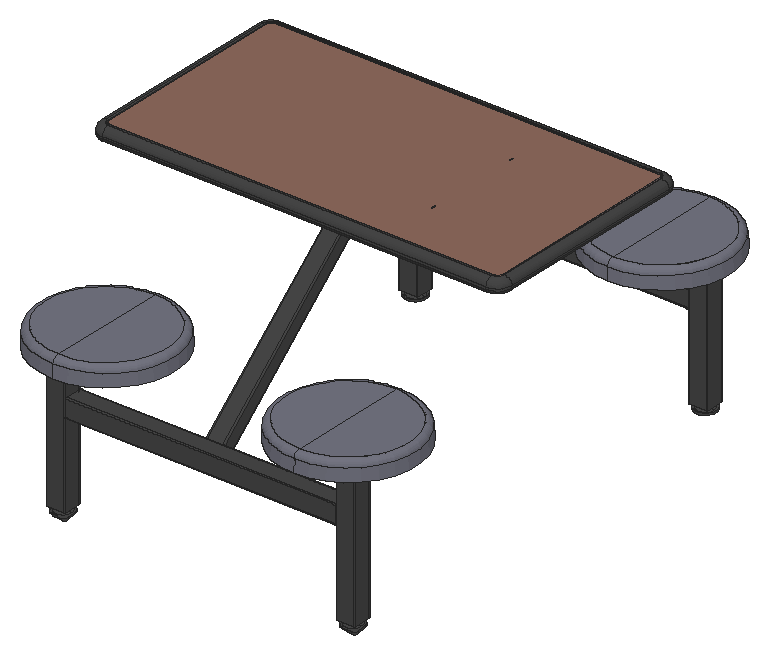
Revit family "Plymold-Essentials-Jupiter-4_Seat_Rectangular-Button", category Furniture, Revit 2021 (continued)
Definition of nested family "Base-4_Saet"
  Lines and regions (in)
    symbolic lines, detail levels medium+fine
      curve 107: arc (13.00949, 23.65226, 15.875) -> (12.94364, 23.44327, 15.875) -> (12.81536, 23.26561, 15.875) r 0.6875
      curve 108: line (12.81536, 23.26561, 15.875) -> (12.67092, 23.12116, 15.875)
      curve 109: arc (12.67092, 23.12116, 15.875) -> (12.37397, 22.94648, 15.875) -> (12.02956, 22.93809, 15.875) r 0.68639
      curve 110: arc (12.02956, 22.93809, 15.875) -> (11.84256, 22.93352, 15.875) -> (11.68133, 22.83868, 15.875) r 0.37268
      curve 111: line (11.68133, 22.83868, 15.875) -> (11.33718, 22.49453, 15.875)
      curve 112: arc (11.33718, 22.49453, 15.875) -> (11.25593, 22.37293, 15.875) -> (11.2274, 22.22951, 15.875) r 0.37479
      curve 113: line (11.2274, 22.22951, 15.875) -> (11.2274, 19.66582, 15.875)
      curve 114: arc (11.2274, 19.66582, 15.875) -> (11.33714, 19.40089, 15.875) -> (11.60206, 19.29116, 15.875) r 0.37466
  Dimensions and locks (in)
    Extrusion 2 sketch curve to Extrusion 2 sketch curve to plane 1 "Center (Front/Back)" to Extrusion 2 sketch curve to Extrusion 2 sketch curve = 1.79877" locked, 22.66498" locked, 22.66498" locked, 1.79877" locked
    Extrusion 2 sketch curve to Extrusion 2 sketch curve to Extrusion 2 sketch curve to Extrusion 2 sketch curve = 1 51/64" locked, 45.32996" locked, 1 51/64" locked
    Extrusion 2 sketch curve to Extrusion 2 sketch curve to plane 2 = 1.79877" locked, 9 93/128" locked  (x2)
    Extrusion 2 sketch curve to Extrusion 2 sketch curve to plane 2 = 1 51/64" locked, 9 93/128" locked  (x2)
    Extrusion 7 sketch curve to Extrusion 7 sketch curve to Extrusion 7 sketch curve to Extrusion 7 sketch curve to Extrusion 7 sketch curve to Extrusion 7 sketch curve to Extrusion 7 sketch curve to Extrusion 7 sketch curve to Extrusion 7 sketch curve to Extrusion 7 sketch curve to Extrusion 7 sketch curve to Extrusion 7 sketch curve to Extrusion 7 sketch curve to Extrusion 7 sketch curve to plane 3 "Center (Left/Right)" = 0.00064" locked, 0.36204" locked, 0.32598" locked, 0.14469" locked, 1.04023" locked, 0.33365" locked, 0.36089" locked, 23/64" locked, 1.11991" locked, 0.14366" locked, 0.24071" locked, 0.34266" locked, 0.00013" locked, 11.60206" locked
    Extrusion 7 sketch curve to Extrusion 7 sketch curve to Extrusion 7 sketch curve to Extrusion 7 sketch curve to Extrusion 7 sketch curve to Extrusion 7 sketch curve to Extrusion 7 sketch curve to Extrusion 7 sketch curve to Extrusion 7 sketch curve to Extrusion 7 sketch curve to Extrusion 7 sketch curve to Extrusion 7 sketch curve to Extrusion 7 sketch curve to Extrusion 7 sketch curve to plane 1 "Center (Front/Back)" = 0.00954" locked, 0.36189" locked, 0.32676" locked, 0.14523" locked, 1.03135" locked, 0.34565" locked, 0.35301" locked, 0.36204" locked, 1.12147" locked, 0.14381" locked, 0.23816" locked, 0.34519" locked, 0.0087" locked, 19.65712" locked
    Extrusion 6 sketch curve to Extrusion 6 sketch curve to Extrusion 6 sketch curve to Extrusion 6 sketch curve to Extrusion 6 sketch curve to Extrusion 6 sketch curve to Extrusion 6 sketch curve to Extrusion 6 sketch curve to Extrusion 6 sketch curve to Extrusion 6 sketch curve to Extrusion 6 sketch curve to Extrusion 6 sketch curve to Extrusion 6 sketch curve to Extrusion 6 sketch curve to plane 3 "Center (Left/Right)" = 0.00064" locked, 0.36204" locked, 0.32598" locked, 0.14469" locked, 1.04023" locked, 0.33365" locked, 0.36089" locked, 23/64" locked, 1.11991" locked, 0.14366" locked, 0.24071" locked, 0.34266" locked, 0.00013" locked, 11.60206" locked
    Extrusion 6 sketch curve to Extrusion 6 sketch curve to Extrusion 6 sketch curve to Extrusion 6 sketch curve to Extrusion 6 sketch curve to Extrusion 6 sketch curve to Extrusion 6 sketch curve to Extrusion 6 sketch curve to Extrusion 6 sketch curve to Extrusion 6 sketch curve to Extrusion 6 sketch curve to Extrusion 6 sketch curve to Extrusion 6 sketch curve to Extrusion 6 sketch curve to plane 1 "Center (Front/Back)" = 0.00954" locked, 0.36189" locked, 0.32676" locked, 0.14523" locked, 1.03135" locked, 0.34565" locked, 0.35301" locked, 0.36204" locked, 1.12147" locked, 0.14381" locked, 0.23816" locked, 0.34519" locked, 0.0087" locked, 19.65712" locked
    Extrusion 8 sketch curve to Extrusion 8 sketch curve to Extrusion 8 sketch curve to Extrusion 8 sketch curve to Extrusion 8 sketch curve to Extrusion 8 sketch curve to Extrusion 8 sketch curve to Extrusion 8 sketch curve to Extrusion 8 sketch curve to Extrusion 8 sketch curve to Extrusion 8 sketch curve to Extrusion 8 sketch curve to Extrusion 8 sketch curve to Extrusion 8 sketch curve to plane 1 "Center (Front/Back)" = 0.00954" locked, 0.36189" locked, 0.32676" locked, 0.14523" locked, 1.03135" locked, 0.34565" locked, 0.35301" locked, 0.36204" locked, 1.12147" locked, 0.14381" locked, 0.23816" locked, 0.34519" locked, 0.0087" locked, 19.65712" locked
    plane 3 "Center (Left/Right)" to Extrusion 8 sketch curve to Extrusion 8 sketch curve to Extrusion 8 sketch curve to Extrusion 8 sketch curve to Extrusion 8 sketch curve to Extrusion 8 sketch curve to Extrusion 8 sketch curve to Extrusion 8 sketch curve to Extrusion 8 sketch curve to Extrusion 8 sketch curve to Extrusion 8 sketch curve to Extrusion 8 sketch curve to Extrusion 8 sketch curve to Extrusion 8 sketch curve = 11.60206" locked, 0.00013" locked, 0.34266" locked, 0.24071" locked, 0.14366" locked, 1.11991" locked, 23/64" locked, 0.36089" locked, 0.33365" locked, 1.04023" locked, 0.14469" locked, 0.32598" locked, 0.36204" locked, 0.00064" locked
    plane 3 "Center (Left/Right)" to Extrusion 9 sketch curve to Extrusion 9 sketch curve to Extrusion 9 sketch curve to Extrusion 9 sketch curve to Extrusion 9 sketch curve to Extrusion 9 sketch curve to Extrusion 9 sketch curve to Extrusion 9 sketch curve to Extrusion 9 sketch curve to Extrusion 9 sketch curve to Extrusion 9 sketch curve to Extrusion 9 sketch curve to Extrusion 9 sketch curve to Extrusion 9 sketch curve = 11.60206" locked, 0.00013" locked, 0.34266" locked, 0.24071" locked, 0.14366" locked, 1.11991" locked, 23/64" locked, 0.36089" locked, 0.33365" locked, 1.04023" locked, 0.14469" locked, 0.32598" locked, 0.36204" locked, 0.00064" locked
    plane 1 "Center (Front/Back)" to Extrusion 9 sketch curve to Extrusion 9 sketch curve to Extrusion 9 sketch curve to Extrusion 9 sketch curve to Extrusion 9 sketch curve to Extrusion 9 sketch curve to Extrusion 9 sketch curve to Extrusion 9 sketch curve to Extrusion 9 sketch curve to Extrusion 9 sketch curve to Extrusion 9 sketch curve to Extrusion 9 sketch curve to Extrusion 9 sketch curve to Extrusion 9 sketch curve = 19.65712" locked, 0.0087" locked, 0.34519" locked, 0.23816" locked, 0.14381" locked, 1.12147" locked, 0.36204" locked, 0.35301" locked, 0.34565" locked, 1.03135" locked, 0.14523" locked, 0.32676" locked, 0.36189" locked, 0.00954" locked
    equal spacing: Blend 4 sketch curve, plane 3 "Center (Left/Right)", Blend 4 sketch curve, locked at 0.81831 each  (x2)
    Blend 4 sketch curve to plane 3 "Center (Left/Right)" to Blend 4 sketch curve = 0.81649" locked, 0.815" locked
    Blend 4 sketch curve to Blend 4 sketch curve to plane 2 = 1.63331" locked, 9.81" locked
    Blend 4 sketch curve to Blend 4 sketch curve to plane 2 = 1.63479" locked, 9.80851" locked
    equal spacing: Blend 4 sketch curve, plane 3 "Center (Left/Right)", Blend 4 sketch curve, locked at 0.815 each
    Blend 4 sketch curve to Blend 4 sketch curve to plane 2 = 1.6317" locked, 26.55211" locked  (x2)
    equal spacing: Blend 3 sketch curve, plane 3 "Center (Left/Right)", Blend 3 sketch curve
    equal spacing: Blend 3 sketch curve, plane 3 "Center (Left/Right)", Blend 3 sketch curve, locked at 0.815 each
    Blend 3 sketch curve to Blend 3 sketch curve to plane 2 = 1.63331" locked, 9.81" locked  (x2)
    Extrusion 5 sketch curve to Extrusion 5 sketch curve to plane 3 "Center (Left/Right)" to Extrusion 5 sketch curve to Extrusion 5 sketch curve = 1.12699" locked, 2.43514" locked, 2.43514" locked, 1.12699" locked
    Extrusion 5 sketch curve to Extrusion 5 sketch curve to plane 3 "Center (Left/Right)" to Extrusion 5 sketch curve to Extrusion 5 sketch curve = 1.12675" locked, 2.43607" locked, 2.43607" locked, 1.12675" locked
    Extrusion 5 sketch curve to Extrusion 5 sketch curve to plane 2 = 1.12495" locked, 26.33018" locked  (x2)
    Extrusion 5 sketch curve to Extrusion 5 sketch curve to plane 2 = 1.12879" locked, 26.32907" locked  (x2)
    Blend 3 sketch curve to plane 3 "Center (Left/Right)" to Blend 3 sketch curve = 0.81831" locked, 0.8167" locked
    Blend 3 sketch curve to plane 3 "Center (Left/Right)" to Blend 3 sketch curve = 0.81649" locked, 0.815" locked
    Blend 3 sketch curve to Blend 3 sketch curve to plane 2 = 1.6317" locked, 26.55211" locked
    Blend 3 sketch curve to Blend 3 sketch curve to plane 2 = 1.63157" locked, 26.55062" locked
    Extrusion 10 sketch curve to Extrusion 10 sketch curve to plane 1 "Center (Front/Back)" = 0.97087" locked, 23.56326" locked
    Extrusion 10 sketch curve to Extrusion 10 sketch curve to plane 3 "Center (Left/Right)" = 0.97087" locked, 15.50033" locked
    plane 3 "Center (Left/Right)" to Revolve 11 sketch curve to Revolve 11 sketch curve = 14.56352" locked, 0.93648" locked
    locked: plane 3 "Center (Left/Right)" to Revolve 11 sketch curve at 15.5
    Revolve 11 sketch curve to Revolve 11 sketch curve to plane 2 = 0.27239" locked, 1/2" locked
    plane 1 "Center (Front/Back)" to Extrusion 16 sketch curve to Extrusion 16 sketch curve = 23.5633" locked, 0.97087" locked
    Extrusion 16 sketch curve to Extrusion 16 sketch curve to plane 3 "Center (Left/Right)" = 0.97087" locked, 14.52881" locked
    plane 3 "Center (Left/Right)" to Revolve 17 sketch curve to Revolve 17 sketch curve = 14.56352" locked, 0.74898" locked
    Revolve 17 sketch curve to Revolve 17 sketch curve to plane 2 = 0.27239" locked, 1/2" locked
    locked: plane 3 "Center (Left/Right)" to Revolve 11 sketch curve at 15.3125
    Extrusion 14 sketch curve to Extrusion 14 sketch curve to plane 1 "Center (Front/Back)" = 0.97087" locked, 23.56518" locked
    plane 3 "Center (Left/Right)" to Extrusion 14 sketch curve to Extrusion 14 sketch curve = 14.52826" locked, 0.97087" locked
    Revolve 15 sketch curve to Revolve 15 sketch curve to Revolve 15 sketch curve to plane 3 "Center (Left/Right)" = 0.74898" locked, 3/16" locked, 15 1/2" locked
    Revolve 15 sketch curve to Revolve 15 sketch curve to plane 2 = 0.27239" locked, 1/2" locked
    Revolve 13 sketch curve to Revolve 13 sketch curve to Revolve 13 sketch curve to plane 3 "Center (Left/Right)" = 0.74898" locked, 3/16" locked, 15 1/2" locked
    Revolve 13 sketch curve to Revolve 13 sketch curve to plane 2 = 0.27239" locked, 1/2" locked
    plane 3 "Center (Left/Right)" to Extrusion 12 sketch curve to Extrusion 12 sketch curve = 15.50033" locked, 0.97087" locked
    plane 1 "Center (Front/Back)" to Extrusion 12 sketch curve to Extrusion 12 sketch curve = 23.5633" locked, 0.97087" locked
    Extrusion 20 sketch curve to Extrusion 20 sketch curve to Extrusion 20 sketch curve to plane 1 "Center (Front/Back)" to Extrusion 20 sketch curve to Extrusion 20 sketch curve to Extrusion 20 sketch curve = 3.93539" locked, 0.0005" locked, 3.28411" locked, 3.28411" locked, 0.0005" locked, 3.93539" locked
    "Top Thickness": plane 18 to plane 4
    "H": plane 18 to plane 2
    Extrusion 20 sketch curve to Extrusion 20 sketch curve to Extrusion 20 sketch curve to plane 4 = 2.21539" locked, 0.0005" locked, 0.28411" locked  (x2)
    aligned and locked: plane 2 to level
    aligned and locked: plane 7 to Extrusion 1
    aligned and locked: Blend 3 sketch curve to plane 15
    aligned and locked: Blend 3 sketch curve to plane 6
    aligned and locked: Blend 3 sketch curve to plane 16  (x2)
    aligned and locked: Blend 3 to plane 11
    aligned and locked: plane 9 to Extrusion 1 sketch curve
    aligned and locked: plane 14 to Extrusion 1 sketch curve
    aligned and locked: Extrusion 1 sketch curve to plane 13
    aligned and locked: Extrusion 1 sketch curve to plane 9
    aligned and locked: plane 11 to Extrusion 1 sketch curve
    aligned and locked: Extrusion 1 sketch curve to plane 12
    aligned and locked: Extrusion 1 sketch curve to plane 11
    aligned and locked: plane 10 to Extrusion 1 sketch curve
    aligned and locked: plane 12 to Extrusion 1 sketch curve
    aligned and locked: Extrusion 1 sketch curve to plane 14
    aligned and locked: plane 13 to Extrusion 1 sketch curve
    aligned and locked: Extrusion 1 sketch curve to plane 10
    aligned and locked: plane 8 to Extrusion 7
    aligned and locked: plane 8 to Extrusion 6
    aligned and locked: Extrusion 6 to plane 7
    aligned and locked: Extrusion 7 to plane 7
    aligned and locked: plane 8 to Extrusion 8
    aligned and locked: plane 8 to Extrusion 9
    aligned and locked: Extrusion 8 to plane 7
    aligned and locked: Extrusion 9 to plane 7
    aligned and locked: Extrusion 16 to plane 2
    aligned and locked: Extrusion 10 to plane 2
    aligned and locked: Extrusion 12 to plane 2
    aligned and locked: Extrusion 14 to plane 2
    aligned and locked: Extrusion 20 sketch curve to plane 4
    aligned and locked: plane 4 to Extrusion 20 sketch curve
    aligned and locked: Extrusion 5 to Extrusion 20  (x2)
    aligned and locked: Extrusion 21 to Extrusion 20  (x2)
    aligned and locked: Extrusion 1 to cut or joined group of Extrusion 14, Revolve 15
  Automatic sketch dimensions
    plane 9 to Extrusion 1 sketch curve = 0.09985"  (x2)
    plane 9 to Extrusion 1 sketch curve = 13/128"  (x2)
    Extrusion 1 sketch curve to Extrusion 1 sketch curve = 0.10015"  (x2)
    Extrusion 1 sketch curve to Extrusion 1 sketch curve = 0.0997"  (x3)
    plane 10 to Extrusion 1 sketch curve = 13/128"  (x2)
    Extrusion 1 sketch curve to Extrusion 1 sketch curve = 0.09985"  (x2)
    Extrusion 2 sketch curve to plane 12 = 0"
    Extrusion 2 sketch curve to plane 13 = 0"
    Blend 3 sketch curve to plane 5 = 0"
    plane 15 to Blend 4 sketch curve = 0"  (x2)
    Blend 4 sketch curve to plane 5 = 0"
    Extrusion 5 sketch curve to Extrusion 5 sketch curve = 0.18787"
    Extrusion 5 sketch curve to Extrusion 5 sketch curve = 0.18514"
    Extrusion 6 sketch curve to plane 10 = 0.14117"
    Extrusion 6 sketch curve to plane 10 = 0.251"
    Extrusion 6 sketch curve to Extrusion 6 sketch curve = 0.2109"
    Extrusion 6 sketch curve to Extrusion 6 sketch curve = 0.38666"
    Extrusion 6 sketch curve to plane 12 = 0.14448"
    plane 12 to Extrusion 6 sketch curve = 0.43089"
    Extrusion 6 sketch curve to plane 11 = 0.70219"
    Extrusion 6 sketch curve to plane 11 = 0.27526"
    Extrusion 7 sketch curve to plane 10 = 0.14117"
    Extrusion 7 sketch curve to plane 10 = 0.251"
    Extrusion 7 sketch curve to Extrusion 7 sketch curve = 0.2109"
    Extrusion 7 sketch curve to Extrusion 7 sketch curve = 0.38666"
    Extrusion 7 sketch curve to plane 14 = 0.14448"
    plane 14 to Extrusion 7 sketch curve = 0.43089"
    Extrusion 7 sketch curve to plane 13 = 0.70219"
    Extrusion 7 sketch curve to plane 13 = 0.27526"
    Extrusion 8 sketch curve to plane 9 = 0.14117"
    Extrusion 8 sketch curve to plane 9 = 0.251"
    Extrusion 8 sketch curve to Extrusion 8 sketch curve = 0.2109"
    Extrusion 8 sketch curve to Extrusion 8 sketch curve = 0.38666"
    Extrusion 8 sketch curve to plane 12 = 0.14448"
    plane 12 to Extrusion 8 sketch curve = 0.43089"
    Extrusion 8 sketch curve to plane 11 = 0.70219"
    Extrusion 8 sketch curve to plane 11 = 0.27526"
    Extrusion 9 sketch curve to plane 9 = 0.14117"
    Extrusion 9 sketch curve to plane 9 = 0.251"
    Extrusion 9 sketch curve to Extrusion 9 sketch curve = 0.2109"
    Extrusion 9 sketch curve to Extrusion 9 sketch curve = 0.38666"
    Extrusion 9 sketch curve to plane 14 = 0.14448"
    plane 14 to Extrusion 9 sketch curve = 0.43089"
    Extrusion 9 sketch curve to plane 13 = 0.70219"
    Extrusion 9 sketch curve to plane 13 = 0.27526"
    Extrusion 10 sketch curve to plane 12 = 0.11201"
    plane 10 to Extrusion 10 sketch curve = 0.07696"
    Revolve 11 sketch curve to level = 1.20252"
    Extrusion 12 sketch curve to plane 14 = 0.11204"
    plane 9 to Extrusion 12 sketch curve = 0.07696"
    Extrusion 14 sketch curve to plane 12 = 0.11393"
    plane 9 to Revolve 15 sketch curve = 0.1197"
    Revolve 15 sketch curve to Revolve 15 sketch curve = 3/16"
    Revolve 15 sketch curve to level = 1.20252"
    Extrusion 16 sketch curve to plane 14 = 0.11204"
    Blend 4 sketch curve to plane 15 = 0.18169"
    Blend 4 sketch curve to plane 15 = 0.185"
    Revolve 17 sketch curve to Revolve 17 sketch curve = 3/16"
    plane 10 to Revolve 17 sketch curve = 1"
    Revolve 17 sketch curve to level = 1.20252"
    Revolve 17 sketch curve to Revolve 17 sketch curve = 1.39667"
    Revolve 13 sketch curve to Revolve 13 sketch curve = 3/16"
    plane 9 to Revolve 13 sketch curve = 0.1197"
    Revolve 13 sketch curve to level = 1.20252"
    Extrusion 1 sketch curve to Extrusion 1 sketch curve = 1.79828"  (x2)
    Extrusion 1 sketch curve to Extrusion 1 sketch curve = 1.80045"
    Extrusion 8 sketch curve to plane 17 = 1.20554"
    Extrusion 8 sketch curve to Extrusion 8 sketch curve = 0.10179"
    Extrusion 9 sketch curve to Extrusion 9 sketch curve = 0.10179"
    plane 9 to Extrusion 14 sketch curve = 0.82861"
    Extrusion 1 sketch curve to plane 11 = 0.0997"
    Extrusion 1 sketch curve to Extrusion 1 sketch curve = 1.90015"
    plane 14 to Extrusion 1 sketch curve = 0.10015"
    Extrusion 1 sketch curve to Extrusion 1 sketch curve = 1 115/128"
    Extrusion 6 sketch curve to plane 17 = 1.20554"
    Extrusion 6 sketch curve to Extrusion 6 sketch curve = 0.10179"
    Extrusion 7 sketch curve to Extrusion 7 sketch curve = 0.10179"
    Revolve 11 sketch curve to Revolve 11 sketch curve = 0.05617"
    plane 10 to Extrusion 16 sketch curve = 0.82807"
    Revolve 17 sketch curve to Revolve 17 sketch curve = 0.18655"
    Extrusion 21 sketch curve to plane 4 = 0"  (x2)
    Extrusion 21 sketch curve to Extrusion 21 sketch curve = 0.37157"  (x2)
    Extrusion 20 sketch curve to Extrusion 20 sketch curve = 0.1345"
    plane 4 to Extrusion 21 sketch curve = 2"  (x2)
    plane 16 to Extrusion 21 sketch curve = 4.03154"
    Extrusion 21 sketch curve to Extrusion 21 sketch curve = 0.33457"  (x2)
    Extrusion 21 sketch curve to Extrusion 21 sketch curve = 2.6339"  (x2)
    plane 15 to Extrusion 21 sketch curve = 4.03154"
    plane 4 to Extrusion 20 sketch curve = 0.1345"
    curve 1 to plane 9 = 0"
    curve 9 to plane 9 = 0"
    curve 5 to plane 11 = 0"
    curve 5 to plane 15 = 0"
    plane 13 to curve 6 = 0"
    curve 6 to plane 16 = 0"
    curve 7 to plane 10 = 0"
    curve 4 to plane 10 = 0"
    curve 10 to plane 12 = 0"
    plane 14 to curve 2 = 0"
    curve 13 to plane 17 = 1.28184"
    plane 10 to curve 13 = 5.2726"
    plane 11 to curve 15 = 0.06889"
    curve 13 to curve 15 = 0.10977"
    curve 13 to curve 12 = 0.37466"
    plane 11 to curve 14 = 0.33391"
    curve 15 to plane 11 = 0.27526"
    curve 15 to curve 15 = 0.34416"
    curve 16 to plane 11 = 0.01174"
    curve 15 to curve 16 = 0.26352"
    curve 15 to curve 17 = 0.50423"
    curve 17 to curve 19 = 0.14366"
    curve 18 to plane 11 = 0.55774"
    curve 17 to curve 18 = 0.48535"
    curve 18 to plane 11 = 0.70219"
    curve 17 to curve 18 = 0.14445"
    plane 12 to curve 20 = 0.91116"
    curve 18 to curve 20 = 0.19413"
    plane 12 to curve 20 = 0.43089"
    curve 19 to curve 20 = 0.07023"
    plane 12 to curve 22 = 0.22092"
    curve 20 to curve 22 = 0.10542"
    curve 21 to curve 21 = 0.26399"
    curve 22 to plane 12 = 0.14448"
    curve 21 to curve 22 = 0.36541"
    plane 12 to curve 23 = 0.11349"
    curve 22 to curve 23 = 0.25797"
    plane 10 to curve 36 = 2.33059"
    curve 35 to plane 17 = 1.54932"
    curve 36 to curve 35 = 0.25877"
    curve 36 to curve 34 = 0.33365"
    curve 34 to curve 35 = 0.26889"
    curve 32 to plane 17 = 0.21279"
    curve 34 to curve 32 = 0.55454"
    curve 32 to plane 17 = 0.06854"
    curve 33 to curve 32 = 0.14425"
    curve 32 to curve 33 = 0.48569"
    plane 17 to curve 30 = 0.12559"
    curve 31 to curve 30 = 0.38666"
    curve 33 to curve 31 = 0.14469"
    plane 10 to curve 29 = 0.48604"
    plane 17 to curve 30 = 0.19574"
    curve 29 to curve 30 = 0.05426"
    plane 10 to curve 28 = 0.22087"
    plane 10 to curve 27 = 0.124"
    plane 10 to curve 25 = 0.12336"
    curve 28 to plane 10 = 0.14117"
    curve 26 to plane 10 = 0.251"
    curve 19 to curve 17 = 0.14523"
    plane 11 to curve 26 = 0.68692"
    curve 29 to curve 30 = 0.37105"
    curve 31 to curve 33 = 0.14381"
    curve 34 to curve 36 = 0.3539"
    curve 33 to curve 35 = 0.35376"
    curve 46 to plane 9 = 0.14117"
    curve 48 to plane 9 = 0.251"
    plane 9 to curve 49 = 0.12336"
    plane 9 to curve 47 = 0.124"
    plane 9 to curve 46 = 0.22087"
    plane 17 to curve 44 = 0.19574"
    curve 45 to curve 44 = 0.2109"
    curve 44 to curve 45 = 0.05426"
    plane 9 to curve 43 = 0.81201"
    plane 17 to curve 44 = 0.12559"
    curve 45 to curve 44 = 0.47972"
    curve 43 to curve 41 = 0.14469"
    curve 42 to plane 17 = 0.06854"
    curve 43 to curve 42 = 0.38666"
    curve 42 to plane 17 = 0.21279"
    curve 42 to curve 42 = 0.14425"
    curve 41 to curve 39 = 0.77134"
    curve 39 to curve 40 = 0.26889"
    curve 39 to curve 39 = 0.34377"
    curve 38 to curve 38 = 0.25877"
    plane 12 to curve 51 = 0.11349"
    curve 49 to curve 51 = 2.56811"
    curve 52 to plane 12 = 0.14448"
    curve 50 to curve 52 = 0.25797"
    curve 51 to curve 53 = 23/64"
    plane 12 to curve 52 = 0.22092"
    curve 53 to curve 52 = 0.26399"
    plane 12 to curve 54 = 0.43089"
    curve 52 to curve 54 = 0.10542"
    plane 12 to curve 54 = 0.91116"
    curve 53 to curve 54 = 0.07023"
    curve 56 to plane 11 = 0.70219"
    curve 54 to curve 56 = 0.19413"
    curve 56 to plane 11 = 0.55774"
    curve 56 to curve 56 = 0.14445"
    curve 56 to curve 55 = 0.48614"
    curve 55 to curve 57 = 0.14366"
    curve 58 to plane 11 = 0.01174"
    curve 56 to curve 58 = 0.72606"
    curve 59 to plane 11 = 0.27526"
    curve 58 to curve 59 = 0.26352"
    curve 58 to curve 60 = 0.34266"
    curve 62 to plane 17 = 1.28184"
    curve 60 to curve 62 = 0.00013"
    plane 11 to curve 59 = 0.06889"
    curve 60 to curve 59 = 0.26502"
    curve 59 to curve 61 = 0.10977"
    curve 55 to curve 57 = 0.14523"
    plane 11 to curve 48 = 0.68692"
    curve 45 to curve 44 = 0.37105"
    curve 43 to curve 41 = 0.14381"
    curve 40 to curve 37 = 0.71985"
    curve 41 to curve 39 = 0.35376"
    curve 38 to curve 37 = 0.36596"
    curve 78 to plane 9 = 0.251"
    curve 80 to plane 9 = 0.14117"
    plane 9 to curve 77 = 0.12336"
    plane 9 to curve 79 = 0.124"
    plane 9 to curve 80 = 0.22087"
    curve 80 to curve 82 = 0.2109"
    curve 81 to curve 81 = 0.05426"
    plane 9 to curve 83 = 0.81201"
    curve 81 to curve 82 = 0.47972"
    curve 83 to curve 85 = 0.14469"
    curve 82 to curve 84 = 0.38666"
    curve 84 to curve 84 = 0.14425"
    curve 85 to curve 87 = 0.77134"
    curve 87 to curve 86 = 0.26889"  (x2)
    curve 87 to curve 87 = 0.34377"
    curve 87 to curve 63 = 0.25877"
    plane 14 to curve 75 = 0.11349"
    curve 77 to curve 75 = 2.56811"
    curve 74 to plane 14 = 0.14448"
    curve 75 to curve 74 = 0.25797"
    curve 75 to curve 73 = 23/64"
    plane 14 to curve 74 = 0.22092"
    curve 73 to curve 74 = 0.26399"
    plane 14 to curve 72 = 0.43089"
    curve 74 to curve 72 = 0.10542"
    plane 14 to curve 72 = 0.91116"
    curve 73 to curve 72 = 0.07023"
    curve 70 to plane 13 = 0.70219"
    curve 71 to curve 70 = 0.19413"
    curve 70 to plane 13 = 0.55774"
    curve 71 to curve 70 = 0.14445"
    curve 70 to curve 71 = 0.48614"
    curve 71 to curve 69 = 0.14366"
    curve 68 to plane 13 = 0.01174"
    curve 70 to curve 68 = 0.72606"
    curve 67 to plane 13 = 0.27526"
    curve 68 to curve 67 = 0.26352"
    curve 68 to curve 66 = 0.34266"
    curve 63 to curve 63 = 2.56735"
    plane 13 to curve 67 = 0.06889"
    curve 66 to curve 67 = 0.26502"
    curve 67 to curve 65 = 0.10977"
    curve 88 to curve 87 = 0.10719"
    curve 88 to curve 87 = 0.34377"
    curve 85 to curve 83 = 0.14381"
    curve 81 to curve 80 = 0.10589"
    curve 80 to curve 80 = 0.36204"
    curve 69 to curve 71 = 0.14523"
    plane 10 to curve 113 = 5.2726"
    plane 13 to curve 111 = 0.06889"
    curve 112 to curve 111 = 0.10977"
    curve 113 to curve 114 = 0.37466"
    plane 13 to curve 112 = 0.33391"
    curve 111 to plane 13 = 0.27526"
    curve 112 to curve 111 = 0.34416"
    curve 110 to plane 13 = 0.01174"
    curve 111 to curve 110 = 0.26352"
    curve 111 to curve 109 = 0.50423"
    curve 109 to curve 107 = 0.14366"
    curve 108 to plane 13 = 0.55774"
    curve 109 to curve 108 = 0.48535"
    curve 108 to plane 13 = 0.70219"
    curve 109 to curve 108 = 0.14445"
    plane 14 to curve 106 = 0.91116"
    curve 107 to curve 106 = 0.19413"
    plane 14 to curve 106 = 0.43089"
    curve 107 to curve 106 = 0.07023"
    plane 14 to curve 104 = 0.22092"
    curve 106 to curve 104 = 0.10542"
    curve 106 to curve 105 = 0.36941"
    curve 104 to plane 14 = 0.14448"
    curve 105 to curve 104 = 0.36541"
    plane 14 to curve 103 = 0.11349"
    curve 104 to curve 103 = 0.25797"
    plane 10 to curve 90 = 2.33059"
    curve 89 to curve 91 = 0.25877"
    curve 90 to curve 92 = 0.33365"
    curve 92 to curve 91 = 0.26889"
    curve 92 to curve 94 = 0.55454"
    curve 94 to curve 94 = 0.14425"
    curve 94 to curve 93 = 0.48569"
    curve 94 to curve 96 = 0.38666"
    curve 93 to curve 95 = 0.14469"
    plane 10 to curve 97 = 0.48604"
    curve 97 to curve 96 = 0.05426"
    plane 10 to curve 98 = 0.22087"
    plane 10 to curve 99 = 0.124"
    plane 10 to curve 101 = 0.12336"
    curve 98 to plane 10 = 0.14117"
    plane 14 to curve 100 = 0.12303"
    curve 90 to curve 91 = 0.34377"
    curve 92 to curve 92 = 0.26889"
    curve 93 to curve 95 = 0.14381"
    curve 96 to curve 98 = 0.10589"
    curve 97 to curve 98 = 0.36204"
    curve 109 to curve 107 = 0.14523"
    Revolve 11 sketch curve to Revolve 11 sketch curve = 1.39667"
    Revolve 13 sketch curve to Revolve 13 sketch curve = 1.39667"
    Revolve 15 sketch curve to Revolve 15 sketch curve = 1.39667"
    Revolve 11 sketch curve to Revolve 11 sketch curve = 0.18655"
    Revolve 13 sketch curve to Revolve 13 sketch curve = 0.18655"
    Revolve 15 sketch curve to Revolve 15 sketch curve = 0.18655"
    level to Revolve 17 sketch curve = 0.15"
    Revolve 11 sketch curve to Revolve 11 sketch curve = 0.063"
    Revolve 13 sketch curve to Revolve 13 sketch curve = 0.063"
    Revolve 15 sketch curve to Revolve 15 sketch curve = 0.063"
    Revolve 17 sketch curve to Revolve 17 sketch curve = 0.063"
    curve 89 to plane 22 = 1.65651"
    curve 63 to plane 22 = 1.65651"
    curve 90 to curve 91 = 0.10719"
    curve 85 to plane 22 = 0.69849"
    curve 93 to plane 22 = 0.69849"
    curve 94 to plane 22 = 0.21279"
    curve 84 to plane 22 = 0.21279"
    curve 94 to plane 22 = 0.06854"
    curve 84 to plane 22 = 0.06854"
    plane 22 to curve 82 = 0.19574"
    plane 22 to curve 96 = 0.19574"
    Extrusion 7 sketch curve to Extrusion 7 sketch curve = 0.25877"
    Extrusion 9 sketch curve to Extrusion 9 sketch curve = 0.25877"
    plane 4 to Extrusion 19 sketch curve = 0.44449"
    Extrusion 19 sketch curve to plane 1 "Center (Front/Back)" = 5.8507"
    plane 4 to Extrusion 19 sketch curve = 0.1345"
    Extrusion 19 sketch curve to Extrusion 19 sketch curve = 0.30999"
    Extrusion 19 sketch curve to Extrusion 19 sketch curve = 2.40621"
    Extrusion 19 sketch curve to Extrusion 19 sketch curve = 2.03036"
    plane 4 to Extrusion 18 sketch curve = 0.1345"
    Extrusion 18 sketch curve to Extrusion 18 sketch curve = 0.32044"  (x2)
    plane 1 "Center (Front/Back)" to Extrusion 18 sketch curve = 5.85032"
    Extrusion 18 sketch curve to Extrusion 18 sketch curve = 2.39538"
    Extrusion 18 sketch curve to Extrusion 18 sketch curve = 2.01958"
Definition of nested family "Seat_Button"
  Parameters (values of type "Seat_Button")
    Seat Finish [instance] = none
    Hardware Finish [instance] = none
    Default Elevation = 0"
  Reference planes (in)
    plane 1 "Center (Front/Back)": y = 0
    plane 2: z = 0
    plane 3 "Center (Left/Right)": x = 0
    plane 4: z = 1.75
    plane 5: z = -0.25
  Forms (in)
    Revolve 1, solid, material <- "Seat Finish"
      sketch origin (0, 0, 0) x (0, 1, 0) y (0, 0, 1)
        loop
          line (0, 1.75) -> (0, 1.125) -> (6.62513, 1.125) -> (6.62513, -0.25) -> (7.25, -0.25) -> (7.18105, 1.09997)
          arc (7.18105, 1.09997) -> (6.96881, 1.56158) -> (6.49697, 1.75) r 0.68497
          line (6.49697, 1.75) -> (0, 1.75)
        axis (0, 1.75) -> (0, -0.25)
      angle from 0 to 360
    Revolve 2, solid, material <- "Hardware Finish"
      sketch origin (0, 0, 0) x (0, 1, 0) y (0, 0, 1)
        loop
          line (0, 0.5) -> (0, 0) -> (2.25211, 0) -> (2.25211, 0.375) -> (5.40625, 0.375) -> (5.40625, 0.5) -> (0, 0.5)
        axis (0, 0.5) -> (0, 0)
      angle from 0 to 360
    Extrusion 3, void
      sketch origin (0, 0, 0) x (1, 0, 0) y (0, 1, 0)
        loop
          arc (-2.71875, 3.46875) -> (-3.24908, 3.24908) -> (-3.46875, 2.71875) r 0.75
          line (-3.46875, 2.71875) -> (-3.46875, -2.71875)
          arc (-3.46875, -2.71875) -> (-3.24908, -3.24908) -> (-2.71875, -3.46875) r 0.75
          line (-2.71875, -3.46875) -> (2.71875, -3.46875)
          arc (2.71875, -3.46875) -> (3.24908, -3.24908) -> (3.46875, -2.71875) r 0.75
          line (3.46875, -2.71875) -> (3.46875, 2.71875)
          arc (3.46875, 2.71875) -> (3.24908, 3.24908) -> (2.71875, 3.46875) r 0.75
          line (2.71875, 3.46875) -> (-2.71875, 3.46875)
        loop
          circle (0, 0) r 5.75
      from -0.875 to 2.53941
  Cuts and joins
    Extrusion 3 cuts Revolve 2
  Lines and regions (in)
    symbolic lines
      curve 1: circle (0, 0, 0) r 7.25 normal (0, 0, 1)
  Dimensions and locks (in)
    plane 5 to plane 2 to plane 4 = 1/4" locked, 1 3/4" locked
    locked: Revolve 1 sketch curve to plane 4 at 0.68497
    Revolve 1 sketch curve to Revolve 1 sketch curve to Revolve 1 sketch curve to plane 1 "Center (Front/Back)" = 0.62487" locked, 0.12816" locked, 6.49697" locked
    aligned and locked: plane 2 to level
    aligned and locked: plane 5 to Revolve 1 sketch curve
    aligned and locked: Revolve 1 sketch curve to plane 1 "Center (Front/Back)"
    aligned and locked: Revolve 1 sketch curve to plane 4
    aligned and locked: plane 1 "Center (Front/Back)" to Revolve 1 sketch curve
Types (5): name | VE | TPD | PVC | Model | Description | DE
  (no name) | no | no | no | "JURE004DEBU" | "4 Seat Island Unit - Jupiter® Cluster w/Bullnose Dur-A-Edge® Table Top Unit - 44\"W x 50.5\"D x 29.75\"H" | yes
  JURE004DEBU | no | no | no | "JURE004DEBU" | "4 Seat Island Unit - Jupiter® Cluster w/Bullnose Dur-A-Edge® Table Top Unit - 44\"W x 50.5\"D x 29.75\"H" | yes
  JURE004TPDBU | no | yes | no | "JURE004TPDBU" | "4 Seat Island Unit - Jupiter® Cluster w/Thin Dur-A-Edge® Table Top Unit - 44\"W x 50.5\"D x 29.75\"H" | no
  JURE004VEBU | yes | no | no | "JURE004VEBU" | "4 Seat Island Unit - Jupiter® Cluster w/Vinyl Edge Table Top Unit - 44\"W x 50.5\"D x 29.75\"H" | no
  JURE004PVCBU | no | no | yes | "JURE004PVCBU" | "4 Seat Island Unit - Jupiter® Cluster w/PVC Edge Table Top Unit - 44\"W x 50.5\"D x 29.75\"H" | no
